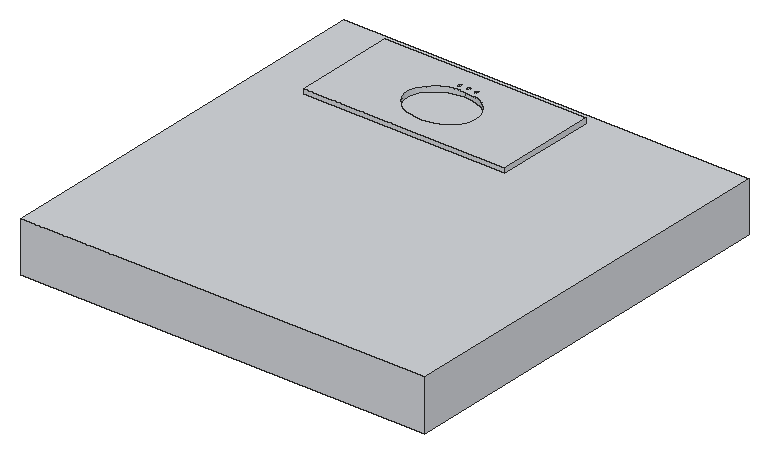
Revit family
Parameters
  Width = 2' - 0"
  URL = "www.coldspringgranite.com"
  TypicalJointSize = 0' - 0 1/4"
  StoneMaterial = none
  SinkCutoutWidth = 1' - 1 1/2"
  SinkCutoutLength = 1' - 4 5/8"
  SinkCenterlinetoLeftEdge = 2' - 0"
  SinkCenterlinetoFrontEdge = 0' - 11"
  Product Name = "Countertop-Vanity Stone Panels with Single Sink Cutout"
  Product Documentation Link = "http://www.coldspringgranite.com/BIM_Families/Family_Detail/Countertop_-_Vanity_Stone_Panels_with_Single_Sink_Cutout/"
  PhoneNumber = "800-551-7502"
  Notes = ""
  Model = "N/A"
  Manufacturer = "Cold Spring Granite Company"
  Low Emitting Material = yes
  Low Emitting Finish = yes
  Location = "17482 Granite West Road, Cold Spring, MN 56320-4578"
  Length [instance] = 4' - 0"
  LEED Credit = ""
  Keynote = "123640"
  JointRight = if(JointRightOff, 0' 0", TypicalJointSize / 2)  # 0' - 0 1/8"
  JointLeft = if(JointLeftOff, 0' 0", TypicalJointSize / 2)  # 0' - 0 1/8"
  JointBackOff = no
  JointRightOff = no
  JointLeftOff = no
  JointBack = if(JointBackOff, 0' 0", TypicalJointSize / 2)  # 0' - 0 1/8"
  Height = 0' - 1 3/16"
  FaucetHoleRadius = 0' - 0 3/8"
  FaucetCenterlinetoSinkEdge = 0' - 1 1/8"
  FaucetCenterlinetoFaucetCenterline = 0' - 4"
  Description = "Stone Double Vanity Square Front Edge"
  Default Elevation = 0' - 0"
  CountertopHeight = 2' - 10"
  Assembly Code = "C1030400"
Reference planes (in)
  plane 1 "Center (Front/Back)": y = 0
  plane 2: z = 0
  plane 3 "Center (Left/Right)": x = 0
  plane 4 "StoneLeft": x = 0.125
  plane 5 "StoneRight": x = 47.875
  plane 6 "JointRightCenter": x = 48
  plane 7 "StoneBack": y = -0.125
  plane 8 "StoneFront": y = -24
  plane 9 "SinkLeft": x = 15.8125
  plane 10 "SinkRight": x = 32.4375
  plane 11 "SinkCenter": x = 24.125
  plane 12 "FaucetLeft": x = 22.125
  plane 13 "FaucetRight": x = 26.125
  plane 14 "SinkCenterFrontBack": y = -13
  plane 15 "SinkBack": y = -6.25
  plane 16 "SinkFront": y = -19.75
  plane 17 "FaucetCenterFrontBack": y = -5.125
  plane 18 "StoneTop": z = 34
  plane 19 "StoneBottom": z = 32.8125
Forms (in)
  Extrusion 1, solid
    sketch origin (0, 0, 0) x (1, 0, 0) y (0, 1, 0)
      loop
        line (-48, 48) -> (-48, -48) -> (48, -48) -> (48, 48) -> (-48, 48)
    from 0 to -12
  Extrusion 2, solid, material <- "StoneMaterial", detail levels coarse
    sketch origin (0, 0, 0) x (1, 0, 0) y (0, 1, 0)
      loop
        line (0, -24) -> (48, -24) -> (48, 0) -> (0, 0) -> (0, -24)
    from 32.8125 to 34
  Extrusion 3, solid, material <- "StoneMaterial", detail levels medium+fine
    sketch origin (4.625, 4.125, 0) x (1, 0, 0) y (0, 1, 0)
      loop
        line (-4.5, -28.125) -> (43.25, -28.125) -> (43.25, -4.25) -> (-4.5, -4.25) -> (-4.5, -28.125)
      loop
        spline (19.5, -10.375) -> (17.34857, -10.605) -> (15.34375, -11.27933) -> (13.62217, -12.35203) -> (12.30116, -13.75) -> (11.47074, -15.37797) -> (11.1875, -17.125) -> (11.47074, -18.87203) -> (12.30116, -20.5) -> (13.62217, -21.89797) -> (15.34375, -22.97067) -> (17.34857, -23.645) -> (19.5, -23.875)
        spline (19.5, -23.875) -> (21.65143, -23.645) -> (23.65625, -22.97067) -> (25.37783, -21.89797) -> (26.69884, -20.5) -> (27.52926, -18.87203) -> (27.8125, -17.125) -> (27.52926, -15.37797) -> (26.69884, -13.75) -> (25.37783, -12.35203) -> (23.65625, -11.27933) -> (21.65143, -10.605) -> (19.5, -10.375)
      loop
        circle (17.5, -9.25) r 0.375
      loop
        circle (19.5, -9.25) r 0.375
      loop
        circle (21.5, -9.25) r 0.375
    from 32.8125 to 34
Lines and regions (in)
  Masking region 1, detail levels coarse
    outline origin (0, -24, 0) x (1, 0, 0) y (0, 0, 1)
      loop
        line (0, 34) -> (0, 32.8125) -> (48, 32.8125) -> (48, 34) -> (0, 34)
  Masking region 2, detail levels medium+fine
    outline origin (0, -24, 0) x (1, 0, 0) y (0, 0, 1)
      loop
        line (0.125, 34) -> (0.125, 32.8125) -> (47.875, 32.8125) -> (47.875, 34) -> (0.125, 34)
  Masking region 3, detail levels coarse
    outline origin (0.125, 0, 0) x (0, 1, 0) y (0, 0, 1)
      loop
        line (0, 34) -> (-24, 34) -> (-24, 32.8125) -> (0, 32.8125) -> (0, 34)
  Masking region 4, detail levels medium+fine
    outline origin (0.125, 0, 0) x (0, 1, 0) y (0, 0, 1)
      loop
        line (-0.125, 34) -> (-24, 34) -> (-24, 32.8125) -> (-0.125, 32.8125) -> (-0.125, 34)
  Masking region 5, detail levels coarse
    outline origin (0, 0, 34) x (-1, 0, 0) y (0, -1, 0)
      loop
        line (0, 0) -> (0, 24) -> (-48, 24) -> (-48, 0) -> (0, 0)
  Masking region 6, detail levels medium+fine
    outline origin (2.25, 1.875, 34) x (-1, 0, 0) y (0, -1, 0)
      loop
        line (2.125, 25.875) -> (-45.625, 25.875) -> (-45.625, 2) -> (2.125, 2) -> (2.125, 25.875)
      loop
        circle (-19.875, 7) r 0.375
      loop
        circle (-21.875, 7) r 0.375
      loop
        circle (-23.875, 7) r 0.375
      loop
        spline (-30.1875, 14.875) -> (-29.90426, 13.12797) -> (-29.07384, 11.5) -> (-27.75283, 10.10203) -> (-26.03125, 9.02933) -> (-24.02643, 8.355) -> (-21.875, 8.125) -> (-19.72357, 8.355) -> (-17.71875, 9.02933) -> (-15.99717, 10.10203) -> (-14.67616, 11.5) -> (-13.84574, 13.12797) -> (-13.5625, 14.875)
        spline (-13.5625, 14.875) -> (-13.84574, 16.62203) -> (-14.67616, 18.25) -> (-15.99717, 19.64797) -> (-17.71875, 20.72067) -> (-19.72357, 21.395) -> (-21.875, 21.625) -> (-24.02643, 21.395) -> (-26.03125, 20.72067) -> (-27.75283, 19.64797) -> (-29.07384, 18.25) -> (-29.90426, 16.62203) -> (-30.1875, 14.875)
  symbolic lines, detail levels fine
    curve 1: line (0.125, -4.75, 34) -> (0.125, -4.75, 32.8125)
    curve 2: line (0.125, -5.5, 32.8125) -> (0.125, -5.5, 34)
    curve 3: line (0.125, -6, 34) -> (0.125, -6, 32.8125)
    curve 4: line (0.125, -19.75, 34) -> (0.125, -19.75, 32.8125)
Dimensions and locks (in)
  "Length": plane 3 "Center (Left/Right)" to plane 6 "JointRightCenter"
  "JointLeft": plane 3 "Center (Left/Right)" to plane 4 "StoneLeft"
  "JointRight": plane 5 "StoneRight" to plane 6 "JointRightCenter"
  "Width": plane 8 "StoneFront" to plane 1 "Center (Front/Back)"
  "JointBack": plane 7 "StoneBack" to plane 1 "Center (Front/Back)"
  equal spacing: plane 9 "SinkLeft", plane 11 "SinkCenter", plane 10 "SinkRight"
  equal spacing: plane 16 "SinkFront", plane 14 "SinkCenterFrontBack", plane 15 "SinkBack"
  "Height": plane 18 "StoneTop" to plane 19 "StoneBottom"
  "CountertopHeight": plane 18 "StoneTop" to plane 2
  "SinkCutoutLength": plane 9 "SinkLeft" to plane 10 "SinkRight"
  "SinkCutoutWidth": plane 15 "SinkBack" to plane 16 "SinkFront"
  equal spacing: plane 12 "FaucetLeft", plane 11 "SinkCenter", plane 13 "FaucetRight"
  "FaucetCenterlinetoFaucetCenterline": plane 12 "FaucetLeft" to plane 13 "FaucetRight"
  "SinkCenterlinetoFrontEdge": plane 14 "SinkCenterFrontBack" to plane 8 "StoneFront"
  "SinkCenterlinetoLeftEdge": plane 4 "StoneLeft" to plane 11 "SinkCenter"
  "FaucetHoleRadius": curve 1 to plane 17 "FaucetCenterFrontBack"
  "FaucetHoleRadius": plane 17 "FaucetCenterFrontBack" to curve 2
  locked: Extrusion 3 sketch curve to plane 12 "FaucetLeft" at 0
  locked: plane 11 "SinkCenter" to Extrusion 3 sketch curve at 0  (x2)
  locked: plane 13 "FaucetRight" to Extrusion 3 sketch curve at 0
  locked: Extrusion 3 sketch curve to plane 10 "SinkRight" at 0
  locked: plane 14 "SinkCenterFrontBack" to Extrusion 3 sketch curve at 0
  locked: Extrusion 3 sketch curve to plane 17 "FaucetCenterFrontBack" at 0  (x3)
  "SinkCutoutWidth": Extrusion 3 sketch curve to Extrusion 3 sketch curve
  "SinkCutoutWidth": Masking region 6 sketch curve to Masking region 6 sketch curve
  "SinkCutoutLength": Masking region 6 sketch curve to Masking region 6 sketch curve
  locked: Masking region 6 sketch curve to plane 10 "SinkRight" at 0
  locked: plane 13 "FaucetRight" to Masking region 6 sketch curve at 0
  locked: plane 11 "SinkCenter" to Masking region 6 sketch curve at 0
  locked: Masking region 6 sketch curve to plane 12 "FaucetLeft" at 0
  locked: Masking region 6 sketch curve to plane 17 "FaucetCenterFrontBack" at 0  (x3)
  locked: plane 14 "SinkCenterFrontBack" to Masking region 6 sketch curve at 0
  "FaucetCenterlinetoSinkEdge": plane 15 "SinkBack" to plane 17 "FaucetCenterFrontBack"
  "FaucetHoleRadius": radius of Extrusion 3 sketch curve  (x3)
  "FaucetHoleRadius": radius of Masking region 6 sketch curve  (x3)
  aligned and locked: plane 2 to Extrusion 1
  aligned and locked: level to Extrusion 1
  aligned and locked: Extrusion 2 to plane 3 "Center (Left/Right)"
  aligned and locked: plane 6 "JointRightCenter" to Extrusion 2
  aligned and locked: Extrusion 2 to plane 1 "Center (Front/Back)"
  aligned and locked: plane 8 "StoneFront" to Extrusion 2
  aligned and locked: Extrusion 3 to plane 4 "StoneLeft"
  aligned and locked: plane 7 "StoneBack" to Extrusion 3
  aligned and locked: Extrusion 3 to plane 5 "StoneRight"
  aligned and locked: plane 8 "StoneFront" to Extrusion 3
  aligned and locked: plane 18 "StoneTop" to Extrusion 3
  aligned and locked: plane 19 "StoneBottom" to Extrusion 3
  aligned and locked: plane 18 "StoneTop" to Extrusion 2
  aligned and locked: plane 19 "StoneBottom" to Extrusion 2
  aligned and locked: Masking region 1 to plane 3 "Center (Left/Right)"
  aligned and locked: plane 6 "JointRightCenter" to Masking region 1
  aligned and locked: plane 18 "StoneTop" to Masking region 1
  aligned and locked: plane 19 "StoneBottom" to Masking region 1
  aligned and locked: Masking region 2 to plane 4 "StoneLeft"
  aligned and locked: Masking region 2 to plane 5 "StoneRight"
  aligned and locked: plane 18 "StoneTop" to Masking region 2
  aligned and locked: plane 19 "StoneBottom" to Masking region 2
  aligned and locked: plane 1 "Center (Front/Back)" to Masking region 3
  aligned and locked: Masking region 3 to plane 8 "StoneFront"
  aligned and locked: Masking region 3 to plane 18 "StoneTop"
  aligned and locked: Masking region 3 to plane 19 "StoneBottom"
  aligned and locked: Masking region 4 to plane 7 "StoneBack"
  aligned and locked: Masking region 4 to plane 8 "StoneFront"
  aligned and locked: Masking region 4 to plane 18 "StoneTop"
  aligned and locked: Masking region 4 to plane 19 "StoneBottom"
  aligned and locked: plane 18 "StoneTop" to curve 4
  aligned and locked: plane 19 "StoneBottom" to curve 4
  aligned and locked: plane 16 "SinkFront" to curve 4
  aligned and locked: plane 18 "StoneTop" to curve 3
  aligned and locked: plane 19 "StoneBottom" to curve 3
  aligned and locked: plane 18 "StoneTop" to curve 2
  aligned and locked: plane 19 "StoneBottom" to curve 2
  aligned and locked: plane 18 "StoneTop" to curve 1
  aligned and locked: plane 19 "StoneBottom" to curve 1
  aligned and locked: Masking region 5 to plane 3 "Center (Left/Right)"
  aligned and locked: Masking region 5 to plane 1 "Center (Front/Back)"
  aligned and locked: plane 6 "JointRightCenter" to Masking region 5
  aligned and locked: plane 8 "StoneFront" to Masking region 5
  aligned and locked: Masking region 6 to plane 4 "StoneLeft"
  aligned and locked: plane 7 "StoneBack" to Masking region 6
  aligned and locked: Masking region 6 to plane 5 "StoneRight"
  aligned and locked: plane 8 "StoneFront" to Masking region 6
Automatic sketch dimensions
  Extrusion 1 sketch curve to Extrusion 1 sketch curve = 8' - 0"  (x2)
  Extrusion 2 sketch curve to plane 4 "StoneLeft" = 0' - 0 1/8"
  plane 6 "JointRightCenter" to Extrusion 2 sketch curve = 0' - 0"
  plane 8 "StoneFront" to Extrusion 2 sketch curve = 0' - 0"
  Extrusion 2 sketch curve to plane 1 "Center (Front/Back)" = 0' - 0"
  plane 19 "StoneBottom" to Masking region 1 sketch curve = 0' - 0"
  Masking region 1 sketch curve to plane 4 "StoneLeft" = 0' - 0 1/8"
  Masking region 1 sketch curve to plane 5 "StoneRight" = 0' - 0 1/8"
  plane 18 "StoneTop" to Masking region 1 sketch curve = 0' - 0"
  plane 4 "StoneLeft" to Masking region 2 sketch curve = 0' - 0"
  Masking region 2 sketch curve to plane 5 "StoneRight" = 0' - 0"
  plane 19 "StoneBottom" to Masking region 2 sketch curve = 0' - 0"
  Masking region 2 sketch curve to Masking region 2 sketch curve = 0' - 1 3/16"
  curve 3 to plane 15 "SinkBack" = 0' - 0 1/4"
  Masking region 3 sketch curve to plane 8 "StoneFront" = 0' - 0"
  Masking region 3 sketch curve to plane 1 "Center (Front/Back)" = 0' - 0"
  plane 19 "StoneBottom" to Masking region 3 sketch curve = 0' - 0"
  Masking region 3 sketch curve to plane 18 "StoneTop" = 0' - 0"
  Masking region 4 sketch curve to plane 8 "StoneFront" = 0' - 0"
  Masking region 4 sketch curve to plane 7 "StoneBack" = 0' - 0"
  plane 19 "StoneBottom" to Masking region 4 sketch curve = 0' - 0"
  Masking region 4 sketch curve to plane 18 "StoneTop" = 0' - 0"
  Masking region 5 sketch curve to plane 4 "StoneLeft" = 0' - 0 1/8"
  Masking region 5 sketch curve to plane 1 "Center (Front/Back)" = 0' - 0"
  plane 8 "StoneFront" to Masking region 5 sketch curve = 0' - 0"
  plane 4 "StoneLeft" to Extrusion 3 sketch curve = 0' - 0"
  Extrusion 3 sketch curve to plane 5 "StoneRight" = 0' - 0"
  Extrusion 3 sketch curve to plane 8 "StoneFront" = 0' - 0"
  plane 7 "StoneBack" to Extrusion 3 sketch curve = 0' - 0"
  Masking region 6 sketch curve to plane 5 "StoneRight" = 0' - 0"
  plane 4 "StoneLeft" to Masking region 6 sketch curve = 0' - 0"
  plane 7 "StoneBack" to Masking region 6 sketch curve = 0' - 0"
  Masking region 6 sketch curve to plane 8 "StoneFront" = 0' - 0"
  Masking region 5 sketch curve to plane 6 "JointRightCenter" = 0' - 0"
Nested families (in)
  nested 1: "CopyRight" at (0, 0, 0), type "CopyRight"
Definition of nested family "CopyRight"
  Parameters (values of type "CopyRight")
    CopyRight = "Cold Spring Granite Company"
  Reference planes (in)
    plane 1: z = 0
